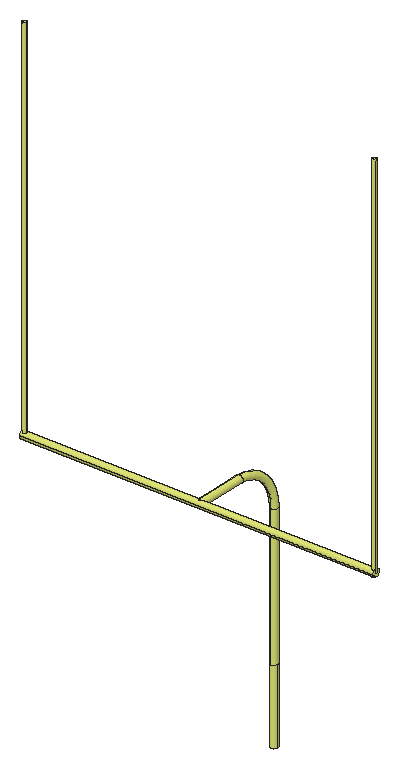
Revit family "Goalpost_PerfectGoal_Gooseneck", category Site, Revit 2025
Family settings
  Round Connector Dimension = Use Diameter
  Part Type = Normal
  OmniClass Number = 23.40.50.34.14
  OmniClass Title = Gymnasium Equipment
  Work Plane-Based = No
  Always vertical = Yes
  Cut with Voids When Loaded = No
  Shared = No
Parameters (values of type "FB45CG")
  URL = "https://ipibybison.com/"
  Total Width = Goal Clearance + (2 * (0' 2 3/8"))  # 18' - 10 3/4"
  Total Height = Rail Elevation + Post Height - 0' 4 1/2"  # 29' - 7 1/2"
  Test Data = "http://www.ipibybison.com/ToolBox.php"
  Specification = "https://www.arcat.com/arcatcos/cos49/arc49571.html"
  Setback = 5' - 0"
  Sales Information = "http://www.ipibybison.com/DealersPage.php"
  Revision = "R1_2018-09"
  Rail Elevation = 10' - 0"
  Product Data = "http://www.arcat.com/arcatcos/cos38/arc38554.html"
  Model = "As Specified"
  Manufacturer Website = "http://www.ipibybison.com/"
  Manufacturer Phone - Toll Free = "888-438-5311"
  Manufacturer Phone = "888-438-5311"
  Manufacturer Fax = "888-438-5312"
  Manufacturer Address = "603 L St.   Lincoln, NE 68508"
  Manufacturer = "BRP by bison"
  Keynote = "11 66 00"
  Installation-Fabrication = "http://www.ipibybison.com/InstallersPage.php"
  Green Building-LEED = "https://www.arcat.com/green/green_building.shtml"
  Gooseneck Diameter = 0' - 4 1/2"
  Post Height = 20' - 0"
  Goal Post Finish = Powder Coat - Specify Color
  Goal Clearance = 18' - 6"
  Embedding Depth = 4' - 0"
  Drawn By = "Sumex Design, Inc. / Robert S. Weygant, CSI, CDT, SCIP"
  Description = "IPI by Bison Gymnasium Equipment"
  Copyright = "©Arcat Inc."
  Construction Details = "https://www.arcat.com/downloads/38554-brpbis/bim/bison/BRP%20by%20bison"
  Category = ""
  Building Codes = "https://www.brpbybison.com/submittals.html"
Types (6): name | Total Width | Setback | Gooseneck Diameter | Goal Clearance
  FB45HS | 23' - 8 3/4" | 5' - 0" | 0' - 4 1/2" | 23' - 4"
  FB45CG | 18' - 10 3/4" | 5' - 0" | 0' - 4 1/2" | 18' - 6"
  FB55CG | 18' - 10 3/4" | 6' - 0" | 0' - 5 9/16" | 18' - 6"
  FB55HS | 23' - 8 3/4" | 6' - 0" | 0' - 5 9/16" | 23' - 4"
  FB58CG | 18' - 10 3/4" | 8' - 0" | 0' - 5 9/16" | 18' - 6"
  FB58HS | 23' - 8 3/4" | 8' - 0" | 0' - 5 9/16" | 23' - 4"
Reference planes (in)
  plane 1 "Center (Front/Back)": y = 0
  plane 2 "Bottom": z = 0
  plane 3 "Center (Left/Right)": x = 0
  plane 4 "Left": x = -113.375
  plane 5 "Right": x = 113.375
  plane 6: z = 120
  plane 7: z = 117.75
  plane 8 "Rail Alignment": y = -60
  plane 9: z = 115.5
  plane 10 "Top": z = 355.5
  plane 11: x = -112.1875
  plane 12: x = 112.1875
  plane 13: x = -111
  plane 14: x = 111
  plane 15: z = -48
Forms (in)
  Sweep 1, solid, material "Powder Coat - Specify Color" <- "Goal Post Finish"
    path origin (0, 0, 0) x (0, 1, 0) y (0, 0, 1)
      loop
        line (-60, 117.75) -> (-28, 117.75)
        arc (-28, 117.75) -> (-8.20101, 109.54899) -> (0, 89.75) r 28
        line (0, 89.75) -> (0, 0)
    profile origin (0, -44, 117.75) x (0, 0, 1) y (1, 0, 0)
      loop
        circle (0, 0) r 2.25
  Extrusion 2, solid, material "Powder Coat - Specify Color" <- "Goal Post Finish"
    sketch origin (0, 0, 0) x (1, 0, 0) y (0, 1, 0)
      loop
        circle (-112.1875, -60) r 1.1875
      loop
        circle (112.1875, -60) r 1.1875
    from 117.75 to 355.5
  Extrusion 3, solid, material "Powder Coat - Specify Color" <- "Goal Post Finish"
    sketch origin (0, 0, 0) x (1, 0, 0) y (0, 1, 0)
      loop
        circle (0, 0) r 2.25
    from -48 to 0
  Extrusion 4, solid, material "Powder Coat - Specify Color" <- "Goal Post Finish"
    sketch origin (0, 0, 0) x (0, 1, 0) y (0, 0, 1)
      loop
        circle (-60, 117.75) r 2.25
    from -113.375 to 113.375
Dimensions and locks (in)
  equal spacing: plane 4 "Left", plane 3 "Center (Left/Right)", plane 5 "Right"
  "Rail Elevation": plane 6 to plane 2 "Bottom"
  locked: plane 6 to plane 7 at 2.25
  "Setback": plane 8 "Rail Alignment" to plane 1 "Center (Front/Back)"
  equal spacing: plane 6, plane 7, plane 9
  "Post Height": plane 10 "Top" to plane 9
  equal spacing: plane 4 "Left", plane 11, plane 13
  locked: plane 4 "Left" to plane 13 at 2.375
  equal spacing: plane 5 "Right", plane 12, plane 14
  locked: plane 5 "Right" to plane 14 at 2.375
  "Goal Clearance": plane 13 to plane 14
  "Embedding Depth": level to plane 15
  "Gooseneck Diameter": diameter of Extrusion 4 sketch curve
  "Gooseneck Diameter": diameter of Sweep 1 sketch curve
  "Gooseneck Diameter": diameter of Extrusion 3 sketch curve
  aligned and locked: plane 2 "Bottom" to level
  aligned and locked: plane 7 to Sweep 1 sketch curve  (x2)
  aligned and locked: plane 8 "Rail Alignment" to Sweep 1 sketch curve
  aligned and locked: Sweep 1 sketch curve to plane 1 "Center (Front/Back)"
  aligned and locked: level to Sweep 1 sketch curve
  aligned and locked: plane 3 "Center (Left/Right)" to Sweep 1 sketch curve
  aligned and locked: plane 11 to Extrusion 2 sketch curve
  aligned and locked: plane 8 "Rail Alignment" to Extrusion 2 sketch curve  (x2)
  aligned and locked: plane 12 to Extrusion 2 sketch curve
  aligned and locked: Extrusion 2 to plane 10 "Top"
  aligned and locked: Extrusion 2 to plane 7
  aligned and locked: plane 3 "Center (Left/Right)" to Extrusion 3 sketch curve
  aligned and locked: plane 1 "Center (Front/Back)" to Extrusion 3 sketch curve
  aligned and locked: level to Extrusion 3
  aligned and locked: plane 15 to Extrusion 3
  aligned and locked: plane 8 "Rail Alignment" to Extrusion 4 sketch curve
  aligned and locked: plane 7 to Extrusion 4 sketch curve
  aligned and locked: Extrusion 4 to plane 5 "Right"
  aligned and locked: Extrusion 4 to plane 4 "Left"
Automatic sketch dimensions
  Sweep 1 sketch curve to Sweep 1 sketch curve = 2' - 4"
  radius of Extrusion 2 sketch curve = 0' - 1 3/16"  (x2)
